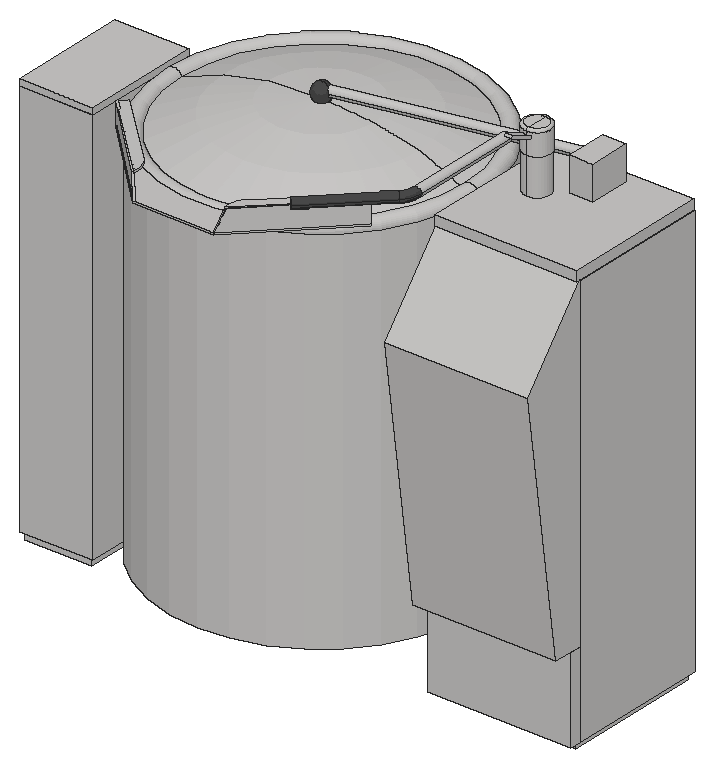
Revit family "QF_HACKMAN_4215351", category Specialty Equipment, Revit 2012
Parameters
  Width = 1154 mm
  Weight in Pounds = 185
  Watts = 16750 W
  Waste Water Discharge Temperature = -459.67 °F
  Volts = 400 V
  URL Cutsheet = ""
  Type Mark [instance] = ""
  Status [instance] = ""
  Specification by User [instance] = ""
  Specification by Manufacturer = ""
  Show Clearance [instance] = yes
  Serial Number = ""
  Seismic Rating = ""
  SMACNA No = ""
  Revision Code [instance] = ""
  Plumbing Remarks = ""
  Plumbing Connection Type = ""
  Phase = 3
  Overall Height = 1535 mm
  Omniclass Number and Title = ""
  Number of Poles [instance] = 1
  NAFEM Spec ID Number = ""
  Model = "4215351"
  Min Ckt Ampacity = 0 A
  Max Overcurrent Protection = 0 A
  Masterspec = ""
  Manufacturer = "HACKMAN"
  Item Number [instance] = ""
  Installed By [instance] = ""
  Indirect Waste Size = 0"
  Indirect Waste Flow [instance] = 0 GPM
  Indirect Waste Connection Type = ""
  Indirect Waste Connection Height = 0 mm
  Identify Quantity as Lot [instance] = yes
  Hot Water Temperature = -459.67 °F
  Hot Water Size = 151/256"
  Hot Water RI Height [instance] = 0 mm
  Hot Water Minimum Pressure = 0.00 psi
  Hot Water Maximum Pressure = 0.00 psi
  Hot Water Flow [instance] = 0 GPM
  Hot Water Consumption = 0 GPM
  Hot Water Connection Height = 700 mm
  Height = 1020 mm
  HP = ""
  Furnished By [instance] = ""
  Foodservice Equipment Identifier [instance] = yes
  FL Amps = 35 A
  Electrical Remarks [instance] = ""
  Electric Connection Type [instance] = ""
  Elec Conn RI Height [instance] = 0 mm
  Elec Conn Connection Height = 635 mm
  Description = "COMBI KETTLE VIKING COMBI 100E"
  Depth = 805 mm
  Cycle = 50 Hz
  Conn Plug = ""
  Conn Conduit = yes
  Cold Water Temperature Recommended = -459.67 °F
  Cold Water Size = 151/256"
  Cold Water RI Height [instance] = 0 mm
  Cold Water Minimum Pressure = 0.00 psi
  Cold Water Maximum Pressure = 0.00 psi
  Cold Water Flow [instance] = 0 GPM
  Cold Water Consumption = ""
  Cold Water Connection Height = 380 mm
  CSI MasterFormat = ""
  CSI Master Format = ""
  Apparent Power = if(Phase = 3, Volts * FL Amps * 1.73, Volts * FL Amps)  # 24220 VA
Reference planes
  plane 1 "BACK": y = 0
  plane 2: z = 0
  plane 3 "LEFT": x = 0
  plane 4 "RIGHT": x = 1154
  plane 5 "FRONT": y = -805
  plane 6 "TOP": z = 1020
  plane 7 "Center Y": x = 577
  plane 8 "Center X": y = -402.5
  plane 9: z = 200
  plane 10: z = 510
  plane 11: x = 506.5
  plane 12: x = 206
  plane 13: x = 807
  plane 14: x = 212.107
  plane 15: x = 196
  plane 16: x = 178.788
  plane 17: x = 916
  plane 18: x = 986
  plane 19: x = 1091
Forms (mm)
  Extrusion 1, solid, material "QF_Finishes_Stainless Steel"
    sketch origin (3905.836, -978.44, 973.405) x (1, 0, 0) y (0, 1, 0)
      loop
        line (-3314.758, 173.44) -> (-3131.953, 356.245) -> (-3140.129, 364.421)
        arc (-3140.129, 364.421) -> (-3399.574, 235.693) -> (-3658.831, 364.801) r 325.334
        line (-3658.831, 364.801) -> (-3666.996, 356.635) -> (-3484.582, 173.44) -> (-3314.758, 173.44)
    from -92.855 to -89.088
  Revolve 2, solid, material "QF_Finishes_Stainless Steel"
    sketch origin (1112.498, -417.412, 900) x (-1, 0, 0) y (0, 0, -1)
      loop
        line (605.998, 814.686) -> (605.998, -70)
        arc (605.998, -70) -> (622.873, -57.788) -> (622.107, -36.972) r 22.107
        arc (622.107, -36.972) -> (764.926, -22.262) -> (900.391, 25.306) r 612.196
        arc (900.391, 25.306) -> (921.204, 14.268) -> (933.71, 34.234) r 17.292
        line (933.71, 34.234) -> (931.332, 34.234) -> (931.332, 814.686) -> (605.998, 814.686)
      axis (605.998, -70) -> (605.998, 814.686)
    angle from 0 to 360
  Extrusion 3, solid, material "QF_Finishes_Stainless Steel"
    sketch origin (3293.123, -4258.853, 981.861) x (1, 0, 0) y (0, 1, 0)
      loop
        line (-3293.123, 3683.378) -> (-3139.623, 3683.378) -> (-3139.623, 3933.378) -> (-3293.123, 3933.378) -> (-3293.123, 3683.378)
    from -966.861 to -129.861
  Extrusion 4, solid, material "QF_Finishes_Stainless Steel"
    sketch origin (153.5, 3065.358, 956.861) x (0, 1, 0) y (0, 0, 1)
      loop
        line (-3390.832, -104.861) -> (-3390.832, -91.611) -> (-3640.832, -91.611) -> (-3640.832, -104.861) -> (-3390.832, -104.861)
    from 0 to -153.5
  Extrusion 5, solid, material "QF_Finishes_Stainless Steel"
    sketch origin (66.873, -446.832, 893.946) x (0.705593, -0.708617, 0) y (0, 0, 1)
      loop
        line (246.117, -9.629) -> (503.853, -9.629) -> (486.009, 35.371) -> (246.117, 35.371) -> (246.117, -9.629)
    from -1.78 to 1.6
  Extrusion 6, solid, material "QF_Finishes_Stainless Steel"
    sketch origin (1156, 64.107, 0) x (0, 1, 0) y (0, 0, 1)
      loop
        line (-678.894, 195) -> (-617.27, 195) -> (-617.27, 884.177) -> (-752.535, 718.98) -> (-678.894, 195)
      loop
        line (-617.27, 15) -> (-617.27, 193.708) -> (-639.582, 193.708) -> (-639.582, 15) -> (-617.27, 15)
    from -300 to 0
  Extrusion 7, solid, material "QF_Finishes_Stainless Steel"
    sketch origin (1156, 64.107, 0) x (0, 1, 0) y (0, 0, 1)
      loop
        line (-315.77, 881.368) -> (-315.77, 902) -> (-622.27, 902) -> (-622.27, 881.368) -> (-315.77, 881.368)
    from -2 to -300
  Extrusion 8, solid, material "QF_Finishes_Stainless Steel"
    sketch origin (504.2, -251.663, 0) x (0, 0, 1) y (1, 0, 0)
      loop
        circle (380, 586.8) r 6.35
      loop
        circle (700, 481.8) r 6.35
      loop
        circle (635, 411.8) r 9.525
    from 0 to 1.6
  Extrusion 9, solid, material "QF_Finishes_Clearance", visible <- "Show Clearance", detail levels coarse
    sketch origin (2908.375, -3457.163, 0) x (1, 0, 0) y (0, 1, 0)
      loop
        line (-3008.375, 2652.163) -> (-2908.375, 2652.163) -> (-2908.375, 3457.163) -> (-1754.375, 3457.163) -> (-1754.375, 2652.163) -> (-1054.375, 2652.163) -> (-1054.375, 3957.163) -> (-3008.375, 3957.163) -> (-3008.375, 2652.163)
    from 0 to 1020
  Extrusion 10, solid, material "QF_Finishes_Stainless Steel"
    sketch origin (65.395, -458.306, 925.578) x (0.711241, -0.702902, 0.008035) y (0.702925, 0.711264, 0)
      loop
        line (238.92, 6.769) -> (479.266, 6.769)
        arc (479.266, 6.769) -> (462.853, 21.461) -> (441.475, 26.769) r 45.704
        line (441.475, 26.769) -> (238.92, 26.769) -> (238.92, 6.769)
    from -1.78 to 1.6
  Extrusion 11, solid, material "QF_Finishes_Stainless Steel"
    sketch origin (946.127, -446.832, 893.946) x (-0.705593, -0.708617, 0) y (0, 0, -1)
      loop
        line (246.117, 9.629) -> (246.117, -35.371) -> (486.009, -35.371) -> (503.853, 9.629) -> (246.117, 9.629)
    from -1.78 to 1.6
  Extrusion 12, solid, material "QF_Finishes_Stainless Steel"
    sketch origin (947.605, -458.306, 925.578) x (-0.711241, -0.702902, 0.008035) y (0.702925, -0.711264, 0)
      loop
        line (238.92, -6.769) -> (238.92, -26.769) -> (441.475, -26.769)
        arc (441.475, -26.769) -> (462.853, -21.461) -> (479.266, -6.769) r 45.704
        line (479.266, -6.769) -> (238.92, -6.769)
    from -1.78 to 1.6
  Extrusion 13, solid, material "QF_Finishes_Stainless Steel"
    sketch origin (3293.123, -4258.853, 15) x (0, 1, 0) y (1, 0, 0)
      loop
        line (3928.378, -3146.123) -> (3688.378, -3146.123) -> (3688.378, -3286.123) -> (3928.378, -3286.123) -> (3928.378, -3146.123)
      loop
        line (4000.19, -2146.123) -> (3707.69, -2146.123) -> (3707.69, -2430.123) -> (4000.19, -2430.123) -> (4000.19, -2146.123)
    from 0 to 15
  Extrusion 14, solid, material "QF_Finishes_Stainless Steel"
    sketch origin (504.2, 64.107, 0) x (0, 1, 0) y (0, 0, 1)
      loop
        line (-315.77, 15) -> (-315.77, 881.368) -> (-615.77, 881.368) -> (-615.77, 15) -> (-315.77, 15)
    from 351.8 to 651.8
  Extrusion 15, solid, material "QF_Finishes_Stainless Steel"
    sketch origin (1156, -274.153, 902) x (0, -1, 0) y (1, 0, 0)
      loop
        line (1.322, -125.329) -> (1.322, -174.671) -> (87.887, -174.671) -> (87.887, -125.329) -> (1.322, -125.329)
    from 0 to 70.629
  Revolve 16, solid, material "QF_Finishes_Stainless Steel"
    sketch origin (934.125, 64.107, 0) x (0, 1, 0) y (0, 0, 1)
      loop
        line (-451.503, 1030) -> (-474.503, 1030)
        arc (-474.503, 1030) -> (-478.039, 1028.536) -> (-479.503, 1025) r 5
        line (-479.503, 1025) -> (-479.503, 980) -> (-477.999, 980) -> (-477.999, 902) -> (-451.503, 902) -> (-451.503, 1030)
      axis (-451.503, 1030) -> (-451.503, 902)
    angle from 0 to 360
  Sweep 17, solid, material "QF_Finishes_Stainless Steel"
    path origin (1156, -274.153, 902) x (0, -1, 0) y (1, 0, 0)
      loop
        line (142.572, -649.5) -> (34.652, -159.062)
    profile origin (751.719, -362.765, 902) x (-0.214907, 0.976635, 0) y (0, 0, 1)
      loop
        circle (0, 51.92) r 10
  Sweep 18, solid, material "QF_Finishes_Stainless Steel"
    path origin (1156, -274.153, 902) x (0, -1, 0) y (1, 0, 0)
      loop
        line (78.59, -314.099) -> (313.54, -314.099)
        arc (313.54, -314.099) -> (330.683, -317.509) -> (345.217, -327.22) r 44.798
        line (345.217, -327.22) -> (470.239, -452.242)
    profile origin (841.901, -470.217, 902) x (1, 0, 0) y (0, 0, 1)
      loop
        circle (0, 51.611) r 10
  Extrusion 19, solid, material "QF_Finishes_Stainless Steel"
    sketch origin (1030.671, -290.475, 902) x (0, 1, 0) y (0, 0, 1)
      loop
        line (-123.898, 115.913) -> (-170.649, 137.08) -> (-172.711, 132.525) -> (-123.898, 110.425) -> (-123.898, 115.913)
    from -104.188 to -89.188
Lines and regions (mm)
  Split face 1
    outline origin (1156, -555.463, 881.368) x (0, 0.633527, 0.773721) y (-1, 0, 0)
      loop
        line (-8.333, 1.986) -> (-8.333, 295) -> (-208.333, 295) -> (-208.333, 1.986) -> (-8.333, 1.986)
  symbolic lines, style "QF_Clearances", visible <- "Show Clearance", detail levels coarse
    curve 1: line (-100, -805, 981.861) -> (-100, 500, 981.861)
    curve 2: line (-100, 500, 981.861) -> (1854, 500, 981.861)
    curve 3: line (1854, 500, 981.861) -> (1854, -805, 981.861)
  symbolic lines
    curve 4: arc (831.894, -378.499, 981.861) -> (830.361, -367.318, 981.861) -> (828.444, -356.195, 981.861) r 327.712
    curve 5: arc (800.893, -417.412, 981.861) -> (799.638, -390.268, 981.861) -> (795.887, -363.355, 981.861) r 294.393
    curve 6: arc (212.107, -417.412, 981.861) -> (506.5, -711.805, 981.861) -> (800.893, -417.412, 981.861) r 294.393
    curve 7: arc (178.788, -417.412, 981.861) -> (195.952, -522.079, 981.861) -> (245.646, -615.782, 981.861) r 327.712
    curve 8: line (153.5, -575.475, 981.861) -> (153.5, -325.475, 981.861)
    curve 9: line (153.5, -325.475, 981.861) -> (0, -325.475, 981.861)
    curve 10: line (0, -575.475, 981.861) -> (153.5, -575.475, 981.861)
    curve 11: line (0, -575.475, 981.861) -> (0, -325.475, 981.861)
    curve 12: arc (519.561, -403.613, 981.861) -> (488.125, -422.247, 981.861) -> (524.66, -422.998, 981.861) r 19
    curve 13: arc (791.542, -343.804, 981.861) -> (469.4, -125.367, 981.861) -> (212.107, -417.412, 981.861) r 294.393
    curve 14: arc (824.103, -336.644, 981.861) -> (465.8, -92.237, 981.861) -> (178.788, -417.412, 981.861) r 327.712
    curve 15: line (519.561, -403.613, 981.861) -> (981.329, -302.069, 981.861)
    curve 16: line (524.66, -422.998, 981.861) -> (981.329, -322.575, 981.861)
    curve 17: line (981.329, -275.475, 981.861) -> (1030.671, -275.475, 981.861)
    curve 18: line (981.329, -362.04, 981.861) -> (981.329, -275.475, 981.861)
    curve 19: line (1030.671, -362.04, 981.861) -> (981.329, -362.04, 981.861)
    curve 20: line (1030.671, -275.475, 981.861) -> (1030.671, -362.04, 981.861)
    curve 21: line (851.901, -352.743, 981.861) -> (851.901, -587.078, 981.861)
    curve 22: line (710.829, -751.463, 981.861) -> (835.417, -626.875, 981.861)
    curve 23: arc (835.417, -626.875, 981.861) -> (847.617, -608.616, 981.861) -> (851.901, -587.078, 981.861) r 56.281
    curve 24: line (710.829, -751.463, 981.861) -> (696.687, -737.321, 981.861)
    curve 25: line (696.687, -737.321, 981.861) -> (822.212, -611.796, 981.861)
    curve 26: line (831.894, -355.437, 981.861) -> (831.894, -588.421, 981.861)
    curve 27: arc (822.212, -611.796, 981.861) -> (829.377, -601.072, 981.861) -> (831.894, -588.421, 981.861) r 33.057
    curve 28: line (591.746, -805, 981.861) -> (421.254, -805, 981.861)
    curve 29: spline (614.802, -749.571, 981.861) -> (612.273, -752.281, 981.861) -> (609.973, -755.187, 981.861) -> (607.915, -758.27, 981.861) -> (606.114, -761.51, 981.861) -> (604.582, -764.885, 981.861) -> (603.328, -768.373, 981.861) -> (602.361, -771.951, 981.861) -> (601.687, -775.596, 981.861) -> (601.311, -779.284, 981.861) -> (601.234, -782.99, 981.861) -> (601.459, -786.69, 981.861) -> (601.982, -790.359, 981.861)
    curve 30: line (758.867, -607.195, 981.861) -> (614.802, -749.571, 981.861)
    curve 31: line (773.731, -622.235, 981.861) -> (758.867, -607.195, 981.861)
    curve 32: line (591.746, -805, 981.861) -> (773.731, -622.235, 981.861)
    curve 33: line (771.208, -619.979, 981.861) -> (589.351, -802.615, 981.861)
    curve 34: line (591.746, -805, 981.861) -> (589.351, -802.615, 981.861)
    curve 35: line (398.198, -749.571, 981.861) -> (254.133, -607.195, 981.861)
    curve 36: spline (411.018, -790.359, 981.861) -> (411.541, -786.69, 981.861) -> (411.766, -782.99, 981.861) -> (411.689, -779.284, 981.861) -> (411.313, -775.596, 981.861) -> (410.639, -771.951, 981.861) -> (409.672, -768.373, 981.861) -> (408.418, -764.885, 981.861) -> (406.886, -761.51, 981.861) -> (405.085, -758.27, 981.861) -> (403.027, -755.187, 981.861) -> (400.727, -752.281, 981.861) -> (398.198, -749.571, 981.861)
    curve 37: line (254.133, -607.195, 981.861) -> (240.075, -621.42, 981.861)
    curve 38: line (239.398, -622.364, 981.861) -> (421.254, -805, 981.861)
    curve 39: line (423.649, -802.615, 981.861) -> (241.792, -619.979, 981.861)
    curve 40: line (423.649, -802.615, 981.861) -> (421.254, -805, 981.861)
    curve 41: arc (351.565, -703.485, 981.861) -> (506.5, -742.746, 981.861) -> (661.435, -703.485, 981.861) r 325.334
    curve 42: arc (767.354, -615.782, 981.861) -> (811.07, -538.376, 981.861) -> (832.374, -452.069, 981.861) r 327.712
    curve 43: line (941.483, -463.186, 981.861) -> (941.483, -414.697, 981.861)
    curve 44: line (926.483, -463.186, 981.861) -> (941.483, -463.186, 981.861)
    curve 45: line (926.483, -414.373, 981.861) -> (926.483, -463.186, 981.861)
    curve 46: line (856, -251.663, 981.861) -> (856, -329.629, 981.861)
    curve 47: line (1154, -251.663, 981.861) -> (856, -251.663, 981.861)
    curve 48: line (1154, -688.427, 981.861) -> (1154, -251.663, 981.861)
    curve 49: line (856, -558.163, 981.861) -> (856, -688.427, 981.861)
    curve 50: line (856, -688.427, 981.861) -> (1154, -688.427, 981.861)
    curve 51: line (1154, -688.427, 981.861) -> (1154, -558.163, 981.861)
    curve 52: circle (934.165, -387.431, 981.861) r 28.231 normal (0, 0, 1)
    curve 53: line (1154, -558.163, 981.861) -> (856, -558.163, 981.861)
    curve 57: line (856, -350.136, 981.861) -> (856, -558.163, 981.861)
  symbolic lines, style "QF_Clearances", visible <- "Show Clearance"
    curve 54: line (256.5, -1275.475, 981.861) -> (756.5, -1275.475, 981.861)
    curve 55: line (756.5, -1275.475, 981.861) -> (756.5, -638.706, 981.861)
    curve 56: line (256.5, -1275.475, 981.861) -> (256.5, -639.373, 981.861)
Dimensions and locks
  equal spacing: plane 3 "LEFT", plane 7 "Center Y", plane 4 "RIGHT"
  "Width": plane 3 "LEFT" to plane 4 "RIGHT"
  equal spacing: plane 5 "FRONT", plane 8 "Center X", plane 1 "BACK"
  "Depth": plane 5 "FRONT" to plane 1 "BACK"
  "Height": plane 6 "TOP" to level
  plane 9 to level = 200 mm
  plane 10 to level = 510 mm
  "Elec Conn Connection Height": Extrusion 9 to Extrusion 8 sketch curve
  "Cold Water Connection Height": Extrusion 9 to Extrusion 8 sketch curve
  "Hot Water Connection Height": Extrusion 9 to Extrusion 8 sketch curve
  aligned and locked: level to plane 2
Automatic sketch dimensions
  plane 5 "FRONT" to Extrusion 1 sketch curve = 0 mm
  Extrusion 1 sketch curve to plane 11 = 0 mm
  Extrusion 1 sketch curve to plane 11 = 85.246 mm
  plane 12 to Extrusion 1 sketch curve = 41.006 mm
  Extrusion 1 sketch curve to Extrusion 1 sketch curve = 8.166 mm  (x2)
  plane 7 "Center Y" to Extrusion 1 sketch curve = 14.079 mm
  Extrusion 1 sketch curve to plane 13 = 41.293 mm
  Extrusion 1 sketch curve to Extrusion 1 sketch curve = 8.177 mm
  Extrusion 1 sketch curve to plane 5 "FRONT" = 182.805 mm
  Extrusion 1 sketch curve to plane 5 "FRONT" = 183.196 mm
  Revolve 2 sketch curve to plane 11 = 0 mm  (x2)
  Revolve 2 sketch curve to plane 14 = 0 mm
  Revolve 2 sketch curve to plane 16 = 0 mm
  plane 11 to Revolve 2 sketch curve = 2.995 mm
  Revolve 2 sketch curve to plane 11 = 16.109 mm
  Revolve 2 sketch curve to plane 11 = 25.228 mm
  Revolve 2 sketch curve to plane 15 = 0.231 mm
  plane 16 to Revolve 2 sketch curve = 2.379 mm
  Revolve 2 sketch curve to plane 6 "TOP" = 50 mm
  Revolve 2 sketch curve to Revolve 2 sketch curve = 21.903 mm
  Revolve 2 sketch curve to Revolve 2 sketch curve = 62.279 mm
  Revolve 2 sketch curve to Revolve 2 sketch curve = 5.665 mm
  Revolve 2 sketch curve to Revolve 2 sketch curve = 75.156 mm
  level to Revolve 2 sketch curve = 85.314 mm
  Revolve 2 sketch curve to level = 286.833 mm
  Extrusion 3 sketch curve to plane 3 "LEFT" = 0 mm
  Extrusion 3 sketch curve to plane 12 = 52.5 mm
  Extrusion 3 sketch curve to plane 8 "Center X" = 172.975 mm
  plane 8 "Center X" to Extrusion 3 sketch curve = 77.025 mm
  Extrusion 4 sketch curve to Extrusion 3 = 0 mm  (x3)
  Extrusion 4 sketch curve to Extrusion 3 = 13.25 mm
  Extrusion 5 sketch curve to plane 6 "TOP" = 90.683 mm
  Extrusion 5 sketch curve to Extrusion 5 sketch curve = 239.892 mm
  Extrusion 5 sketch curve to plane 6 "TOP" = 135.683 mm
  Extrusion 5 sketch curve to Extrusion 5 sketch curve = 17.844 mm
  Extrusion 7 sketch curve to Extrusion 14 = 0 mm  (x2)
  Extrusion 14 to Extrusion 7 sketch curve = 6.5 mm
  Extrusion 7 sketch curve to Extrusion 7 sketch curve = 20.632 mm
  Extrusion 10 sketch curve to Extrusion 10 sketch curve = 202.554 mm
  Extrusion 10 sketch curve to Extrusion 10 sketch curve = 37.791 mm
  Extrusion 10 sketch curve to Extrusion 10 sketch curve = 25.704 mm
  Extrusion 11 sketch curve to plane 6 "TOP" = 90.683 mm
  Extrusion 11 sketch curve to Extrusion 11 sketch curve = 239.892 mm
  Extrusion 11 sketch curve to plane 6 "TOP" = 135.683 mm
  Extrusion 11 sketch curve to Extrusion 11 sketch curve = 17.844 mm
  Extrusion 12 sketch curve to Extrusion 12 sketch curve = 202.554 mm
  Extrusion 12 sketch curve to Extrusion 12 sketch curve = 37.791 mm
  Extrusion 12 sketch curve to Extrusion 12 sketch curve = 20 mm
  level to Extrusion 14 sketch curve = 15 mm
  Extrusion 14 sketch curve to plane 8 "Center X" = 149.163 mm
  plane 8 "Center X" to Extrusion 14 sketch curve = 150.837 mm
  Extrusion 14 sketch curve to plane 6 "TOP" = 138.632 mm
  Extrusion 6 to Split face 1 sketch curve = 1.547 mm
  Split face 1 sketch curve to Extrusion 6 = 5 mm
  Extrusion 6 to Split face 1 sketch curve = 11.963 mm
  Split face 1 sketch curve to Extrusion 6 = 1.986 mm
  Extrusion 7 to Extrusion 15 sketch curve = 23.812 mm
  Extrusion 15 sketch curve to Extrusion 15 sketch curve = 86.565 mm
  Extrusion 7 to Extrusion 15 sketch curve = 125.329 mm
  Extrusion 15 sketch curve to Extrusion 15 sketch curve = 49.342 mm
  Revolve 16 sketch curve to plane 8 "Center X" = 12.896 mm
  Revolve 16 sketch curve to plane 8 "Center X" = 11.392 mm
  Revolve 16 sketch curve to Revolve 16 sketch curve = 5 mm
  plane 8 "Center X" to Revolve 16 sketch curve = 15.104 mm  (x2)
  Revolve 16 sketch curve to plane 6 "TOP" = 118 mm
  Revolve 16 sketch curve to Revolve 16 sketch curve = 40 mm
  Revolve 16 sketch curve to Revolve 16 sketch curve = 15 mm
  Revolve 16 sketch curve to Revolve 16 sketch curve = 23 mm
  plane 6 "TOP" to Revolve 16 sketch curve = 5 mm
  Extrusion 7 to Sweep 17 sketch curve = 57.142 mm
  Sweep 17 sketch curve to Extrusion 7 = 141.438 mm
  Sweep 17 sketch curve to Extrusion 7 = 349.5 mm
  Extrusion 7 to Sweep 17 sketch curve = 140.938 mm
  Sweep 17 sketch curve to profile plane = 0 mm
  profile plane to Sweep 17 sketch curve = 51.92 mm
  Sweep 18 sketch curve to Extrusion 7 = 14.099 mm
  Extrusion 7 to Sweep 18 sketch curve = 101.08 mm
  Extrusion 7 to Sweep 18 sketch curve = 29.53 mm
  Sweep 18 sketch curve to Extrusion 7 = 27.22 mm
  Sweep 18 sketch curve to Sweep 18 sketch curve = 31.677 mm
  Sweep 18 sketch curve to Sweep 18 sketch curve = 125.022 mm
  Sweep 18 sketch curve to Extrusion 7 = 152.242 mm
  Sweep 18 sketch curve to profile plane = 0 mm
  profile plane to Sweep 18 sketch curve = 51.611 mm
  Extrusion 19 sketch curve to Extrusion 15 = 101.146 mm
  Extrusion 19 sketch curve to Extrusion 15 = 66.451 mm
  Extrusion 19 sketch curve to Extrusion 19 sketch curve = 2.062 mm
  Extrusion 19 sketch curve to Extrusion 15 = 52.333 mm
  Extrusion 19 sketch curve to Extrusion 19 sketch curve = 4.555 mm
  Extrusion 14 to Extrusion 8 sketch curve = 170 mm
  Extrusion 8 sketch curve to Extrusion 8 sketch curve = 105 mm
  Extrusion 8 sketch curve to Extrusion 8 sketch curve = 175 mm
  plane 5 "FRONT" to Extrusion 9 sketch curve = 0 mm  (x2)
  plane 1 "BACK" to Extrusion 9 sketch curve = 0 mm
  Extrusion 9 sketch curve to plane 3 "LEFT" = 0 mm
  Extrusion 9 sketch curve to plane 4 "RIGHT" = 0 mm
  Extrusion 9 sketch curve to Extrusion 9 sketch curve = 100 mm
  Extrusion 9 sketch curve to plane 4 "RIGHT" = 700 mm
  Extrusion 9 sketch curve to plane 1 "BACK" = 500 mm
  Extrusion 6 sketch curve to Extrusion 14 = 0 mm
  Extrusion 14 to Extrusion 6 sketch curve = 1.5 mm  (x2)
  Extrusion 6 sketch curve to Extrusion 6 sketch curve = 22.312 mm
  Extrusion 6 sketch curve to Extrusion 6 sketch curve = 39.312 mm
  Extrusion 14 to Extrusion 6 sketch curve = 136.765 mm
  Extrusion 6 sketch curve to Extrusion 14 = 178.708 mm
  Extrusion 6 sketch curve to Extrusion 6 sketch curve = 1.292 mm
  Extrusion 6 sketch curve to Extrusion 14 = 162.389 mm
  Extrusion 14 to Extrusion 6 sketch curve = 2.809 mm
  Extrusion 3 to Extrusion 13 sketch curve = 5 mm  (x2)
  Extrusion 3 to Extrusion 13 sketch curve = 24.312 mm
  Extrusion 13 sketch curve to Extrusion 3 = 66.812 mm
  Extrusion 13 sketch curve to Extrusion 3 = 993.5 mm
  Extrusion 13 sketch curve to Extrusion 13 sketch curve = 284 mm
  Extrusion 3 to Extrusion 13 sketch curve = 6.5 mm
  Extrusion 3 to Extrusion 13 sketch curve = 7 mm
  curve 4 to curve 5 = 0 mm
  curve 4 to curve 7 = 0 mm  (x2)
  curve 4 to curve 42 = 0 mm
  curve 5 to curve 6 = 0 mm
  curve 6 to curve 12 = 0 mm
  curve 6 to curve 13 = 0 mm
  curve 6 to curve 14 = 0 mm
  curve 7 to curve 14 = 0 mm
  curve 7 to curve 41 = 0 mm
  curve 12 to curve 13 = 0 mm
  curve 14 to curve 41 = 0 mm
  curve 41 to curve 42 = 0 mm
  plane 5 "FRONT" to curve 1 = 0 mm
  curve 11 to plane 3 "LEFT" = 0 mm
  plane 5 "FRONT" to curve 28 = 0 mm
  curve 14 to plane 11 = 0 mm
  curve 47 to plane 4 "RIGHT" = 0 mm
  plane 5 "FRONT" to curve 3 = 0 mm
  curve 1 to plane 3 "LEFT" = 100 mm
  curve 10 to plane 12 = 52.5 mm
  curve 7 to plane 8 "Center X" = 14.912 mm
  curve 7 to plane 12 = 27.212 mm
  plane 12 to curve 13 = 6.107 mm
  plane 12 to curve 38 = 33.398 mm
  curve 38 to curve 37 = 0.677 mm
  curve 37 to curve 39 = 1.718 mm
  curve 39 to curve 7 = 3.854 mm
  curve 7 to curve 37 = 8.487 mm
  plane 12 to curve 56 = 50.5 mm
  plane 5 "FRONT" to curve 36 = 9.586 mm
  plane 12 to curve 36 = 127.946 mm
  curve 36 to curve 41 = 17.62 mm
  curve 36 to plane 5 "FRONT" = 22.922 mm
  curve 35 to plane 5 "FRONT" = 55.429 mm
  curve 36 to plane 5 "FRONT" = 14.641 mm
  curve 35 to curve 36 = 12.82 mm
  curve 36 to curve 28 = 10.236 mm
  curve 39 to plane 5 "FRONT" = 2.385 mm
  curve 28 to curve 39 = 2.395 mm
  curve 12 to plane 8 "Center X" = 1.113 mm
  plane 11 to curve 12 = 13.061 mm
  plane 11 to curve 12 = 18.16 mm
  curve 34 to plane 5 "FRONT" = 2.385 mm
  plane 7 "Center Y" to curve 34 = 12.351 mm
  curve 33 to curve 34 = 2.395 mm
  curve 33 to curve 29 = 12.631 mm
  plane 7 "Center Y" to curve 29 = 37.802 mm
  curve 29 to plane 5 "FRONT" = 22.922 mm
  curve 29 to curve 29 = 44.946 mm
  curve 30 to curve 41 = 46.633 mm
  curve 41 to curve 25 = 35.252 mm
  curve 22 to plane 5 "FRONT" = 53.537 mm
  curve 24 to curve 22 = 14.142 mm
  curve 55 to plane 13 = 50.5 mm
  curve 55 to curve 30 = 2.367 mm
  curve 42 to curve 31 = 6.377 mm
  curve 33 to curve 31 = 2.523 mm
  curve 13 to plane 13 = 15.458 mm
  curve 23 to plane 13 = 11.38 mm
  curve 5 to plane 13 = 11.113 mm
  curve 23 to curve 27 = 3.217 mm
  plane 13 to curve 25 = 15.212 mm
  curve 14 to curve 4 = 4.341 mm
  plane 13 to curve 26 = 24.894 mm
  plane 13 to curve 42 = 25.374 mm
  curve 25 to curve 22 = 13.205 mm
  curve 26 to curve 21 = 20.008 mm
  curve 23 to curve 53 = 4.099 mm
  curve 42 to curve 44 = 94.109 mm
  curve 45 to curve 52 = 7.681 mm
  curve 44 to curve 43 = 15 mm
  curve 52 to curve 18 = 47.164 mm
  curve 18 to curve 20 = 49.342 mm
  curve 3 to plane 4 "RIGHT" = 700 mm
  curve 54 to curve 36 = 460.889 mm
  curve 29 to plane 5 "FRONT" = 14.641 mm
  curve 22 to curve 24 = 14.142 mm
  curve 49 to curve 23 = 61.553 mm
  curve 56 to curve 38 = 17.009 mm
  curve 55 to curve 33 = 18.726 mm
  curve 38 to curve 8 = 46.889 mm
  curve 50 to curve 53 = 130.265 mm
  curve 45 to plane 8 "Center X" = 60.686 mm
  curve 43 to plane 8 "Center X" = 12.197 mm
  curve 45 to plane 8 "Center X" = 11.873 mm
  plane 8 "Center X" to curve 52 = 15.069 mm
  curve 18 to curve 16 = 39.464 mm
  curve 21 to curve 57 = 2.607 mm
  curve 57 to curve 46 = 20.506 mm
  plane 8 "Center X" to curve 9 = 77.025 mm
  curve 15 to curve 18 = 26.594 mm
  curve 46 to curve 47 = 77.966 mm
  curve 2 to plane 1 "BACK" = 500 mm
  radius of Sweep 17 sketch curve = 10 mm
  radius of Sweep 18 sketch curve = 10 mm
  radius of Extrusion 8 sketch curve = 6.35 mm  (x2)
  radius of Extrusion 8 sketch curve = 9.525 mm
Connectors
  piping at (1091, -250.063, 380)
    settings: on Extrusion 8, index 22, connector radius 0.29528", flow factor 0, pipe flow 0 GPM, pressure drop 0.00 psi, fitting loss kfactor 0, connector angle 0.00°, fixture units 0, engagement length 0 mm, flow configuration 1, flow direction 1, fitting loss method 0, system type 20, joint type 0, gender type 0, connector reference index -1, connector utility 0, adjustable connector no, is connector primary yes, fitting loss table "", connector description "DOMESTIC COLD WATER SUPPLY"
  piping at (986, -250.063, 700)
    settings: on Extrusion 8, index 23, connector radius 0.29528", flow factor 0, pipe flow 0 GPM, pressure drop 0.00 psi, fitting loss kfactor 0, connector angle 0.00°, fixture units 0, engagement length 0 mm, flow configuration 1, flow direction 1, fitting loss method 0, system type 19, joint type 0, gender type 0, connector reference index -1, connector utility 0, adjustable connector no, is connector primary no, fitting loss table "", connector description "DOMESTIC HOT WATER SUPPLY"
  electrical at (916, -250.063, 635), driven by "Volts", driven by "Watts"
    settings: on Extrusion 8, index 24, voltage 400 V, apparent load 16750 VA, apparent load phase1 0 VA, apparent load phase2 0 VA, apparent load phase3 0 VA, power factor 1, load classification "Other", number of poles 1, system type 30, power factor state 1, is connector primary yes, connector utility no, sub classification motor no, connector description "ELECTRICAL CONNECTION"
